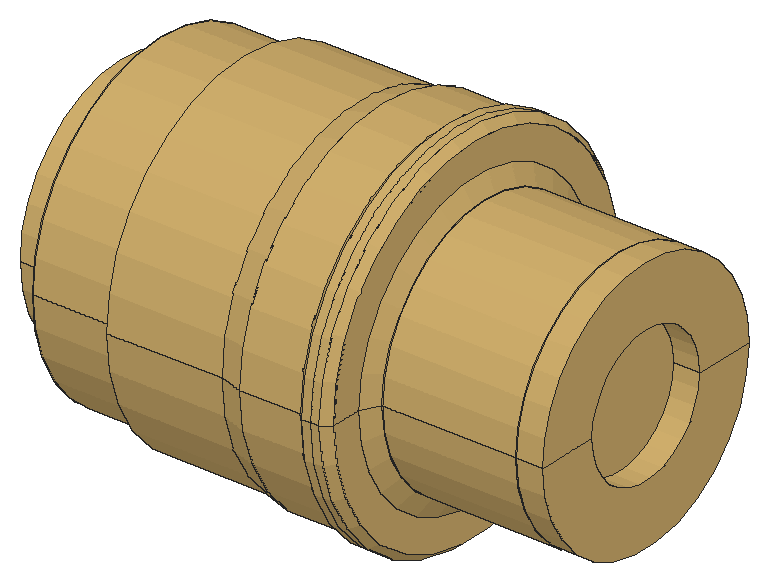
Revit family "66bb", category Pipe Fittings, Revit 2018
Family settings
  Round Connector Dimension = Use Diameter
  Part Type = Transition
  OmniClass Number = 23.27.43.00
  OmniClass Title = Pipe Fittings
  Work Plane-Based = No
  Always vertical = Yes
  Cut with Voids When Loaded = No
  Shared = No
Parameters (values of type "90030")
  URL = "https://www.aignep.com"
  Tick size 02 [instance] = 0.2 * Nominal Diameter 02  # 2.54 mm
  Tick size 01 [instance] = 0.2 * Nominal Diameter 01  # 4.00 mm
  R2 [instance] = CH2 / 2  # 15.00 mm
  R1 [instance] = CH1 / 2  # 12.00 mm
  QR code = "https://www.bimobject.com/aignep/product/straight-female-adaptor-90030"
  Product url = "https://www.aignep.com/eng/Pipe-fittings-INFINITY/Air-Pipeline-INFINITY-Series/STRAIGHT-FEMALE-ADAPTOR"
  Product name = "Straight Female Adaptor - 90030"
  Product group = "Fittings"
  Product family = "INFINITY"
  Product data url = "https://www.bimobject.com/aignep/product/straight-female-adaptor-90030"
  Product certification = "https://www.aignep.com/eng/Certificazioni/FREE-OF-SILICON"
  Product SKU = "Straight-Female-Adaptor-90030"
  Product Material = AIGNEP - Brass - Yellow
  Product Guid = "09499734-bb5f-42d9-9e86-c9631953a46a"
  OmniClass Description = "Pipe Fittings"
  OmniClass Code = "23-27 43 00"
  Nominal Diameter 02 [instance] = 12.70 mm
  Nominal Diameter 01 [instance] = 20.00 mm
  Model = "90030"
  Material main = "Brass"
  Manufacturer name = "Aignep Spa"
  Manufacturer country = "Italy"
  Manufacturer = "Aignep Spa"
  Lookup Table Name = "Adaptor - 90030"
  L [instance] = size_lookup(Lookup Table Name, "L", 0.00 mm, Nominal Diameter 01, Nominal Diameter 02)  # 49.00 mm
  Keynote = "15410"
  IFC Classification = "Pipe Fitting"
  F [instance] = size_lookup(Lookup Table Name, "F", 0.00 mm, Nominal Diameter 01, Nominal Diameter 02)  # 12.70 mm
  Edition number = 1
  E [instance] = size_lookup(Lookup Table Name, "E", 0.00 mm, Nominal Diameter 01, Nominal Diameter 02)  # 34.50 mm
  Design country = "Italy"
  Description = "Straight female adaptor"
  D [instance] = size_lookup(Lookup Table Name, "D", 0.00 mm, Nominal Diameter 01, Nominal Diameter 02)  # 20.00 mm
  CH2 [instance] = size_lookup(Lookup Table Name, "CH2", 0.00 mm, Nominal Diameter 01, Nominal Diameter 02)  # 30.00 mm
  CH1 [instance] = size_lookup(Lookup Table Name, "CH1", 0.00 mm, Nominal Diameter 01, Nominal Diameter 02)  # 24.00 mm
  BIMobject category = "Joints"
  B [instance] = size_lookup(Lookup Table Name, "B", 0.00 mm, Nominal Diameter 01, Nominal Diameter 02)  # 31.50 mm
  Assembly Code = "D2040100"
  Article Code [instance] = size_lookup(Lookup Table Name, "", "", Nominal Diameter 01, Nominal Diameter 02)  # "90030 00 001"
  A [instance] = size_lookup(Lookup Table Name, "A", 0.00 mm, Nominal Diameter 01, Nominal Diameter 02)  # 15.00 mm
Reference planes
  plane 1 "Center (Front/Back)": y = 0
  plane 2: z = 0
  plane 3 "Center (Left/Right)": x = 0
  plane 4: z = 49
  plane 5: z = 15
  plane 6: z = 17.5
  plane 7: z = 2.485
  plane 8: z = 37.5
  plane 9: z = 45.371
  plane 10: z = 15.914
  plane 11: x = 24.5
  plane 12: x = -24.5
  plane 13: x = -20.793
  plane 14: y = 17.25
  plane 15: y = -17.25
  plane 16: x = -12.938
  plane 17: y = 10
  plane 18: y = -10
  plane 19: x = 21.981
  plane 20: y = 6.35
  plane 21: y = -6.35
  plane 22: x = 7
  plane 23: x = 9.5
  plane 24: x = 8.593
Forms (mm)
  Revolve 1, solid, material "AIGNEP - Brass - Yellow" <- "Product Material", detail levels fine
    sketch origin (0, 0, 0) x (1, 0, 0) y (0, 1, 0)
      loop
        line (-22.661, 11.778) -> (-24.5, 11.778) -> (-24.5, 0) -> (-20.793, 0) -> (-20.793, 15) -> (-21.743, 12.445)
        arc (-21.743, 12.445) -> (-22.094, 11.962) -> (-22.661, 11.778) r 0.965
      loop
        line (-12.938, 16.136) -> (-12.938, 0) -> (-2.23, 0) -> (5.594, 0) -> (8.593, 0) -> (8.593, 16.585) -> (7.8, 17.25) -> (7, 17.25) -> (6.2, 17.25) -> (5.594, 16.742) -> (0, 16.742) -> (-2.23, 16.136) -> (-12.938, 16.136)
      loop
        line (24.5, 12) -> (21.981, 12) -> (21.981, 0) -> (24.5, 0) -> (24.5, 12)
      axis (24.5, 0) -> (-24.5, 0)
    angle from 0 to 360
  Revolve 2, void
    sketch origin (0, 0, 0) x (1, 0, 0) y (0, 1, 0)
      loop
        line (-24.5, 10) -> (-24.5, 0) -> (7, 0) -> (7, 10) -> (-24.5, 10)
      axis (7, 0) -> (-24.5, 0)
    angle from 0 to 360
  Revolve 3, solid, material "AIGNEP - Brass - Yellow" <- "Product Material", detail levels fine
    sketch origin (0, 0, 0) x (1, 0, 0) y (0, 1, 0)
      loop
        line (8.593, 13.704) -> (8.593, 0) -> (9.5, 0) -> (9.5, 12) -> (8.593, 13.704)
      axis (8.593, 0) -> (9.593, 0)
    angle from 0 to 360
  Extrusion 4, void
    sketch origin (0, 0, 0) x (0, 1, 0) y (0, 0, 1)
      loop
        circle (0, 0) r 6.35
    from 9.5 to 24.5
  Extrusion 5, solid, material "AIGNEP - Brass - Yellow" <- "Product Material", detail levels fine
    sketch origin (9.5, 27.914, 1200) x (0, 1, 0) y (0, 0, 1)
      loop
        circle (-27.914, -1200) r 12
    from 0 to 12.481
  Extrusion 6, solid, material "AIGNEP - Brass - Yellow" <- "Product Material", detail levels fine
    sketch origin (-20.793, 15.056, 1200) x (0, -1, 0) y (0, 0, 1)
      loop
        circle (15.056, -1200) r 15
    from 0 to -7.855
Cuts and joins
  Revolve 2, Extrusion 4 cuts Revolve 1
  Extrusion 4 cuts Revolve 3
Lines and regions (mm)
  model lines, detail levels coarse+medium
    curve 1: line (7, 0, 0) -> (9.5, 0, 0)
    curve 2: line (9.5, 1.27, 0) -> (9.5, -1.27, 0)
  model lines
    curve 3: line (7, 2, 0) -> (7, -2, 0)
Dimensions and locks
  "L": plane 4 to level
  "A": plane 5 to level
  "B": plane 4 to plane 6
  locked: plane 4 to plane 9 at 3.629
  locked: plane 7 to level at 2.485
  locked: plane 4 to plane 8 at 11.5
  locked: plane 6 to plane 10 at 1.586
  equal spacing: plane 12, plane 3 "Center (Left/Right)", plane 11
  "L": plane 12 to plane 11
  equal spacing: plane 15, plane 1 "Center (Front/Back)", plane 14
  "E": plane 15 to plane 14
  equal spacing: plane 17, plane 1 "Center (Front/Back)", plane 18
  "D": plane 17 to plane 18
  equal spacing: plane 20, plane 1 "Center (Front/Back)", plane 21
  "F": plane 20 to plane 21
  "B": plane 12 to plane 22
  "A": plane 23 to plane 11
  locked: plane 12 to plane 13 at 3.707
  locked: plane 19 to plane 11 at 2.519
  locked: plane 22 to plane 24 at 1.593
  plane 12 to Revolve 1 sketch curve to Revolve 1 sketch curve to Revolve 1 sketch curve = 1.839 mm locked, 0.918 mm locked, 0.95 mm locked
  Revolve 1 sketch curve to Revolve 1 sketch curve to Revolve 1 sketch curve to plane 14 = 0.448 mm locked, 0.157 mm locked, 0.508 mm locked
  Revolve 1 sketch curve to Revolve 1 sketch curve to Revolve 1 sketch curve to plane 24 = 0.606 mm locked, 1.60 mm locked, 0.793 mm locked
  locked: plane 12 to plane 16 at 11.562
  locked: Revolve 1 sketch curve to plane 17 at 2
  "R2": plane 1 "Center (Front/Back)" to Revolve 1 sketch curve
  Revolve 1 sketch curve to Revolve 1 sketch curve to Revolve 1 sketch curve to plane 17 = 0.667 mm locked, 0.00 mm locked, 1.778 mm locked
  locked: Revolve 1 sketch curve to plane 3 "Center (Left/Right)" at 2.23
  "R1": plane 1 "Center (Front/Back)" to Revolve 3 sketch curve
  locked: plane 24 to Revolve 3 sketch curve at 0.907
  locked: Revolve 3 sketch curve to plane 14 at 3.546
  equal spacing: curve 2, plane 1 "Center (Front/Back)", curve 2
  "Tick size 02": curve 2 to curve 2
  equal spacing: curve 3, plane 1 "Center (Front/Back)", curve 3
  "Tick size 01": curve 3 to curve 3
  "F": diameter of Extrusion 4 sketch curve
  "CH1": diameter of Extrusion 5 sketch curve
  "CH2": diameter of Extrusion 6 sketch curve
  aligned and locked: level to plane 2
  aligned and locked: Revolve 1 sketch curve to plane 16
  aligned and locked: Revolve 1 sketch curve to plane 24
  aligned and locked: Revolve 1 sketch curve to plane 12
  aligned and locked: plane 14 to Revolve 1 sketch curve
  aligned and locked: Revolve 1 sketch curve to plane 14
  aligned and locked: Revolve 1 sketch curve to plane 19
  aligned and locked: plane 11 to Revolve 1 sketch curve
  aligned and locked: plane 12 to Revolve 2 sketch curve
  aligned and locked: Revolve 2 sketch curve to plane 22
  aligned and locked: Revolve 2 sketch curve to plane 17
  aligned and locked: plane 3 "Center (Left/Right)" to Revolve 1 sketch curve
  aligned and locked: Revolve 3 sketch curve to plane 24
  aligned and locked: plane 23 to curve 1
  aligned and locked: plane 22 to curve 1
  aligned and locked: plane 1 "Center (Front/Back)" to curve 1
  aligned and locked: curve 2 to plane 23
  aligned and locked: curve 3 to plane 22
  aligned and locked: plane 19 to Extrusion 5
  aligned and locked: plane 16 to Extrusion 6
Automatic sketch dimensions
  plane 1 "Center (Front/Back)" to Revolve 2 sketch curve = 0.00 mm  (x2)
  Revolve 2 sketch curve to plane 12 = 0.00 mm
  Revolve 2 sketch curve to Revolve 2 sketch curve = 5.00 mm
  plane 1 "Center (Front/Back)" to Revolve 1 sketch curve = 0.00 mm  (x4)
  Revolve 1 sketch curve to plane 12 = 0.00 mm
  Revolve 1 sketch curve to plane 22 = 0.00 mm
  Revolve 1 sketch curve to plane 3 "Center (Left/Right)" = 2.23 mm
  Revolve 1 sketch curve to plane 22 = 1.406 mm
  Revolve 1 sketch curve to Revolve 1 sketch curve = 4.355 mm
  plane 1 "Center (Front/Back)" to Revolve 3 sketch curve = 0.00 mm  (x2)
  Revolve 3 sketch curve to Revolve 3 sketch curve = 0.098 mm
  plane 23 to Revolve 3 sketch curve = 1.402 mm
  Extrusion 4 sketch curve to level = 0.00 mm
  Extrusion 4 sketch curve to plane 1 "Center (Front/Back)" = 0.00 mm
  Extrusion 5 sketch curve to level = 0.00 mm
  Extrusion 5 sketch curve to plane 1 "Center (Front/Back)" = 0.00 mm
  Extrusion 6 sketch curve to level = 0.00 mm
  Extrusion 6 sketch curve to plane 1 "Center (Front/Back)" = 0.00 mm
Connectors
  piping at (7, 0, 0), diameter 20, driven by "Nominal Diameter 01"
    settings: on cut or joined group of Revolve 1, Revolve 2, Extrusion 4, index 2, connector inside diameter 609.60 mm, connector length 0.00 mm, flow factor 0, pipe flow 0.0 L/s, pressure drop 0.0 Pa, fitting loss kfactor 0, connector angle 0.00°, fixture units 0, engagement length 0.00 mm, angle of deflection 0.00°, flow configuration 0, flow direction 0, fitting loss method 0, system type 28, joint type 0, gender type 0, connector reference index 3, connector utility 0, adjustable connector no, is connector primary yes, connector description ""
  piping at (9.5, 0, 0), diameter 12.7, driven by "Nominal Diameter 02"
    settings: on Extrusion 5, index 3, connector inside diameter 609.60 mm, connector length 0.00 mm, flow factor 0, pipe flow 0.0 L/s, pressure drop 0.0 Pa, fitting loss kfactor 0, connector angle 0.00°, fixture units 0, engagement length 0.00 mm, angle of deflection 0.00°, flow configuration 0, flow direction 0, fitting loss method 0, system type 28, joint type 0, gender type 0, connector reference index 2, connector utility 0, adjustable connector no, is connector primary no, connector description ""
